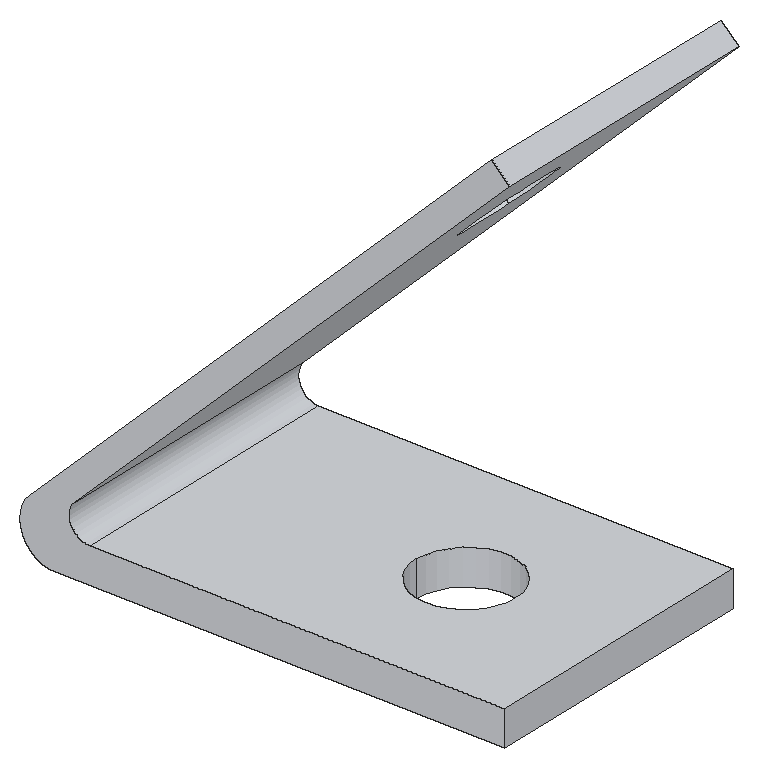
Revit family "MP23", category Generic Models, Revit 2017
Family settings
  Can host rebar = No
  Round Connector Dimension = Use Diameter
  Part Type = Normal
  Work Plane-Based = Yes
  Always vertical = No
  Cut with Voids When Loaded = No
  Shared = No
  Room Calculation Point = No
Parameters (values of type "NBS Standard Parameters")
  Weight = "0.32Kg"
  WarrantyStartDate [instance] = "1900-12-31T23:59:59"
  WarrantyGuarantorParts = "n/a"
  WarrantyGuarantorLabor = "n/a"
  WarrantyDurationUnit = "1 year"
  WarrantyDurationParts = "n/a"
  WarrantyDurationLabor = "n/a"
  WarrantyDescription = "n/a"
  Version = "1"
  Uniclass2 = "Pr_65_70_11_19"
  TagNumber [instance] = "n/a"
  SustainabilityPerformance = "n/a"
  Size = "45 Degree"
  Shape = "Angle"
  SerialNumber [instance] = "n/a"
  Revision = "n/a"
  ReplacementCost = "n/a"
  ProductInformation = "www.metpro.co.uk/pdf/mp23.pdf"
  NominalWidth = 10 mm
  NominalLength = 100 mm
  NominalHeight = 60 mm
  Name = ""
  NBSTypeID = "90-55-10/305"
  NBSReference = ""
  NBSOfficeMasterTag = ""
  NBSNote = ""
  NBSDescription = "Channel Cable Supports"
  NBSCertification = ""
  ModelReference = "MP23"
  ModelNumber = "n/a"
  Material = "Steel"
  ManufacturerURL = "www.metpro.co.uk"
  ManufacturerName = "Metpro Ltd"
  Keynote = "Compliant to LU Standard 1-085"
  InstallationDate [instance] = "1900-12-31T23:59:59"
  IfcExportType = ""
  IfcExportAs = ""
  Grade = "n/a"
  Finish = "Hot Dipped Galvanised"
  Features = "n/a"
  ExpectedLife = "n/a"
  DurationUnit = "year"
  Description = "MP23  45 Degree Acute Angle Bracket"
  Default Elevation = 1219.2 mm
  Constituents = "n/a"
  Color = "n/a"
  CodePerformance = "n/a"
  Category = "n/a"
  BarCode [instance] = "n/a"
  BIMObjectName = "metpro_metprolibrary_channelcablesupports_channelbrackets"
  Author = "Metpro Ltd"
  AssetType = ""
  AssetIdentifier [instance] = "n/a"
  AccessibilityPerformance = "n/a"
Reference planes
  plane 1 "Center (Front/Back)": y = 0
  plane 2: z = 0
  plane 3 "Center (Left/Right)": x = 0
Forms (mm)
  Extrusion 1, solid
    sketch origin (-77.874, 40, -281.42) x (1, 0, 0) y (0, 0, 1)
      loop
        arc (30.513, 289.955) -> (29.429, 284.506) -> (34.048, 281.42) r 5
        line (34.048, 281.42) -> (96.977, 281.42) -> (96.977, 286.42) -> (38.806, 286.42)
        arc (38.806, 286.42) -> (36.193, 288.166) -> (36.806, 291.249) r 2.829
        line (36.806, 291.249) -> (97.688, 352.131) -> (95.188, 354.631) -> (30.513, 289.955)
    from 0 to 40
  Extrusion 2, void
    sketch origin (-50.897, 40, 5) x (-0.707107, 0, -0.707107) y (0, 1, 0)
      loop
        circle (-72.889, -19.332) r 7
    from 0 to 3.536
  Extrusion 3, void
    sketch origin (-50.897, 40, 5) x (0, 1, 0) y (1, 0, 0)
      loop
        circle (-20, 48.564) r 7
    from 0 to 5
Cuts and joins
  Extrusion 2, Extrusion 3 cuts Extrusion 1
Dimensions and locks
  aligned and locked: level to plane 2
  aligned and locked: Extrusion 1 to Extrusion 3
  aligned and locked: Extrusion 1 to Extrusion 2
